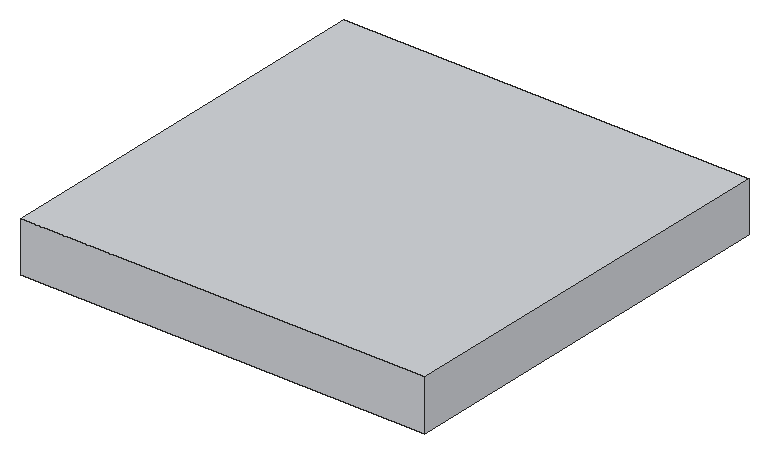
Revit family "00-7898-05-05", category Luminarias, Revit 2017
Family settings
  Anfitrión = Cara
  Cota de conector redondo = Diámetro de uso
  Tipo de pieza = Normal
  Número OmniClass = 23.80.70.00
  Título OmniClass = Lighting
  Corte con vacíos al cargar = No
  Origen de luz = No
  Compartido = Sí
  Punto de cálculo de habitación = No
Parameters (values of type "00-7898-05-05")
  Versión = "v1"
  Vatios (W) = 6.5
  Tipo de regulación = ""
  Tipo = "Colgante"
  Tender text (English) = "LEDS C4\nPunto Single Surface\n00-7898-05-05\n\nPendant for indoor use. \n\nFor downlighting. Structure material: Aluminium. Structure finish: Black. Warranty: 5 Years.\n\nProduct net weight (Kg): 0.320\nProduct width or diameter (mm): 80\nProduct height (mm): 1500\nØ of the hole for recessing (mm): 60\n\nClass 1. IP: IP20. LED. No. of lampholders or LEDs: 1. LED brand: BRIDGELUX. Driver brand: HEP. Maximum power of light source: 5W. Colour temperature: LED warm-white 3000K. Colour rendering index: 90. MacAdam Steps: 3. Maximum diameter of luminaire bulb: 50.000h L80B20. UGR:  11.6. Photobiological risk: RG1. Real flux (lm): 329. Lm/Real W: 51. Voltage and frequency range: 100-277/50-60Hz. Voltage: 8.5. Gear included: Yes, electronic. Total power: 6.5. Power factor: 0.60."
  Tender text (Castellano) = "LEDS C4\nPunto Single Surface\n00-7898-05-05\n\nColgante de uso interior para iluminar hacia abajo. \nMaterial estructura: Aluminio. Acabado estructura: Negro. Garantía: 5 Años.\n\nPeso neto del producto (Kg): 0.320\nAnchura o diámetro del producto (mm): 80\nAltura del producto (mm): 1500\nØ del agujero para empotrar (mm): 60\n\nClase 1. IP: IP20. LED. Nº de portalámparas o Leds: 1. Marca del LED: BRIDGELUX. Marca del Driver: HEP. Potencia máxima de la fuente de luz: 5W. Temperatura de color: Blanco cálido - 3000K. Índice de reproducción cromática: 90. Steps Mac Adam: 3. Diámetro máximo de la bombilla que admite la luminaria: 50.000h L80B20. UGR:  11.6. Riesgo fotobiológico: RG1. Flujo real (lm): 329. Lm/W reales: 51. Rango de voltaje/frecuencia: 100-277/50-60Hz. Voltaje: 8.5. Equipo incluido: Si, electrónico. Potencia total: 6.5. Factor de potencia: 0.60."
  Temperatura color led (K) = "Blanco cálido - 3000K"
  Referencia = "00-7898-05-05"
  Rayo de luz = "EXTRA MEDIUM"
  Producto descatalogado = "Catalogado ES"
  Pluma comercial = ""
  Peso neto (KG) = 0.32
  Material = "Aluminio"
  Lumenes reales (lm) = 329
  LDT = "http://files.leds-c4.com/ldt/00-7898-05-05.html"
  Imagen web = "http://files.leds-c4.com/main-photo/00-7898-05-05"
  IfcExportType = "NOTDEFINED"
  IfcExportAs = "IfcLightFixture\r\nIfcLightFixture"
  IP = "IP20"
  IMC = "http://files.leds-c4.com/imc/00-7898-05-05.html"
  IK = ""
  Fuente de luz = ""
  Fotometría = "http://files.leds-c4.com/fm/00-7898-05-05.html"
  Ficha = "http://files.leds-c4.com/ft/es/00-7898-05-05.html"
  FechaVersion = "Julio 2020"
  Familia = "Punto Single Surface"
  Fabricante = "LEDS C4"
  Etiqueta V/f = "100-277V/50-60Hz"
  Elevación por defecto = 1000 mm
  Eficiencia energética = "LED A++"
  EAN13 = "8435575323704"
  DescripcionUniformat2010 = "Lighting"
  DescripcionUniclass2015 = "Lighting"
  DescripcionOmniclass = "Lighting"
  DescripcionGubimclass = "Iluminación interior"
  CodigoUniformat2010 = "D5040"
  CodigoUniclass2015 = "EF_70_80"
  CodigoOmniclass = "21-04 50 40"
  CodigoGubimclass = "50.60.50.20"
  Catálogo = "Decorative"
  Carga aparente = 0 VA
  CRI = 90
  Acabado = "Negro"
Types (2, lengths in mm): name | Lumenes reales (lm) | CRI
  (no name) | 0 | 0
  00-7898-05-05 | 329 | 90
Values of the unnamed type that differ from the named types
  Vatios (W) = 0
  Tipo = ""
  Tender text (English) = ""
  Tender text (Castellano) = ""
  Temperatura color led (K) = ""
  Referencia = ""
  Rayo de luz = ""
  Producto descatalogado = ""
  Peso neto (KG) = 0
  Material = ""
  LDT = ""
  Imagen web = ""
  IP = ""
  IMC = ""
  Fotometría = ""
  Ficha = ""
  Familia = ""
  Etiqueta V/f = ""
  Eficiencia energética = ""
  EAN13 = ""
  Catálogo = ""
  Acabado = ""
Reference planes
  plane 1 "Centro (Frontal/Posterior)": y = 0
  plane 2: z = 0
  plane 3 "Centro (Izquierda/Derecha)": x = 0
  plane 4 "Elevación de origen de luz": z = 0
  plane 5 "Eje de origen de luz (F/P)": y = 0
  plane 6 "Eje de origen de luz (I/D)": x = 0
Forms (mm)
  Extrusion 1, solid
    sketch origin (0, 0, 0) x (1, 0, 0) y (0, 1, 0)
      loop
        line (-1219.2, 1219.2) -> (-1219.2, -1219.2) -> (1219.2, -1219.2) -> (1219.2, 1219.2) -> (-1219.2, 1219.2)
    from 0 to -304.8
Dimensions and locks
  aligned and locked: plane 2 to Extrusion 1
  aligned and locked: level to Extrusion 1
Nested families
  nested 1: "Luz anidada" at (0, 0.138, 1600.683), type "Tipo1"
Connectors
  electrical at (0, 0, 0)
    settings: on Extrusion 1, index 1, voltage 0 V, apparent load 0 VA, apparent load phase1 0 VA, apparent load phase2 0 VA, apparent load phase3 0 VA, power factor 1, load classification "Otro", number of poles 1, system type 31, power factor state 1, is connector primary yes, connector utility no, sub classification motor no, connector description ""
Definition of nested family "Luz anidada"
  Parameters (values of type "Tipo1")
    Tilt Angle = 90.00°
    Wattage = 6.5 W
    Tipo de regulación = ""
    Tipo = ""
    Tender text = ""
    built-in parameter 1150110 = 1 (stored number, unit not read)
    Pluma comercial = ""
    Material = ""
    Imagen = ""
    IP = ""
    IMC = ""
    IK = ""
    Fotometría = ""
    Ficha = ""
    Familia = ""
    Estado en catálogo = ""
    Peso neto = ""
    Lamp = ""
    built-in parameter 1114217 = 1 (stored number, unit not read)
    built-in parameter 1150109 = 1 (stored number, unit not read)
    Etiqueta vf = ""
    Eficiencia energética = ""
    EAN13 = ""
    built-in parameter 1150134 = (empty or 0)
    built-in parameter 1150113 = 1 (stored number, unit not read)
    Lumens = 2391 lm
    built-in parameter 1150115 = 1 (stored number, unit not read)
    built-in parameter 1150105 = 109.82 (stored number, unit not read)
    built-in parameter 1150137 = (empty or 0)
    built-in parameter 1150139 = (empty or 0)
    built-in parameter 1150112 = 1 (stored number, unit not read)
    built-in parameter 1150114 = 1 (stored number, unit not read)
    built-in parameter 1150132 = (empty or 0)
    built-in parameter 1150102 = (empty or 0)
    built-in parameter 1150138 = (empty or 0)
    built-in parameter 1150107 = 3000 (stored number, unit not read)
    built-in parameter 1150106 = 1.0982 (stored number, unit not read)
    built-in parameter 1150104 = 4.7023 (stored number, unit not read)
    Catálogo = ""
    Dimming Lamp Color Temperature Shift = (empty or 0)
    Color Filter = 16777215
    built-in parameter 1114218 = 1 (stored number, unit not read)
    CRI = 0
    Photometric Web File = "00-7898-05-05.ies"
    Acabado = ""
    built-in parameter 1150133 = 10 (stored number, unit not read)
  Values of the unnamed type that differ from the named types
    Wattage = 55 W
    built-in parameter 1150107 = 2700 (stored number, unit not read)
    built-in parameter 1150104 = 6.1333 (stored number, unit not read)
  Reference planes
    plane 1 "Eje de origen de luz (F/P)": y = 0
    plane 2: z = 0
    plane 3 "Eje de origen de luz (I/D)": x = 0
    plane 4 "Elevación de origen de luz": z = 0
  Dimensions and locks
    aligned and locked: plane 3 "Eje de origen de luz (I/D)" to imposter light
    aligned and locked: plane 1 "Eje de origen de luz (F/P)" to imposter light
    aligned and locked: plane 4 "Elevación de origen de luz" to imposter light
    aligned and locked: level to plane 2
